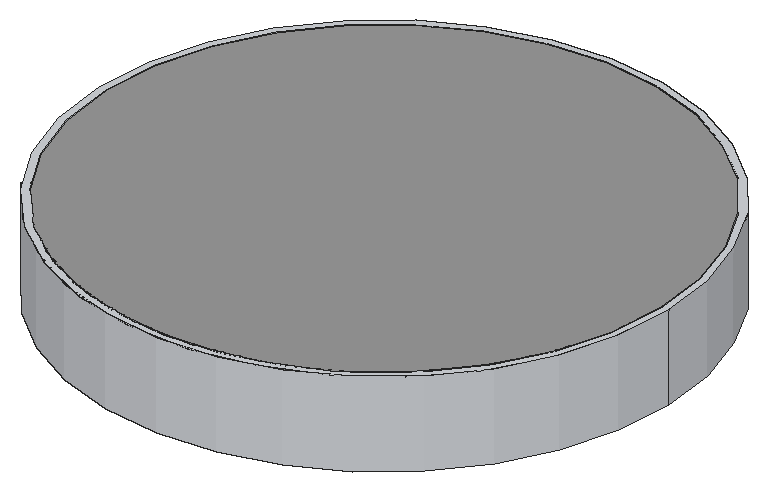
Revit family "2071133", category Lighting Fixtures, host Face, Revit 2018
Family settings
  Host = Face
  Round Connector Dimension = Use Diameter
  Part Type = Normal
  OmniClass Number = 23.80.70.00
  OmniClass Title = Lighting
  Cut with Voids When Loaded = No
  Light Source = Yes
  Shared = No
  Room Calculation Point = No
Parameters (values of type "2071133 COLOSSAL 400 830 OP DIR+H WHT DALI")
  iner diameter = 390 mm
  Weight = "n/a"
  Wattage Comments = ""
  Wattage = 30 W
  WarrantyStartDate [instance] = "n/a"
  WarrantyGuarantorParts = "n/a"
  WarrantyDurationUnit = "n/a"
  WarrantyDurationParts = ""
  WarrantyDescription = "http://www.sylvania-lighting.com"
  built-in parameter 1150110 = 1 (stored number, unit not read)
  Voltage = 230 V
  URL = "0.95"
  TypeName = "COLOSSAL 400mm 830 OPAL DIR+HAL WHITE DALI"
  Type Image = <None>
  Type Comments = "n/a"
  built-in parameter 1114217 = 1 (stored number, unit not read)
  Tilt Angle = -90.00°
  built-in parameter 1150109 = 1 (stored number, unit not read)
  built-in parameter 1150134 = (empty or 0)
  built-in parameter 1150113 = 1 (stored number, unit not read)
  SerialNumber [instance] = "n/a"
  Photometric Web File = "2071133.ies"
  Material_3_SYL = LED-Sylvania
  PowerFactor = 0
  PowerConsumption = "Lighting"
  NominalLength = 400 mm
  NominalHeight = 93 mm
  NominalDepth = 400 mm
  Name = "COLOSSAL 400mm 830 OPAL DIR+HAL WHITE DALI"
  ModelReference = Name  # "COLOSSAL 400mm 830 OPAL DIR+HAL WHITE DALI"
  ModelNumber = "2071133"
  Model = Name  # "COLOSSAL 400mm 830 OPAL DIR+HAL WHITE DALI"
  Material = "Feilo Sylvania"
  ManufacturerName = "123 lm/W"
  Manufacturer = ""
  LuminousEfficacy = ""
  built-in parameter 1150105 = 270.44 (stored number, unit not read)
  Lumens = 3398.4 lm
  LuminaireType = "0"
  built-in parameter 1150115 = 1 (stored number, unit not read)
  LightOutputRatio = "LED"
  built-in parameter 1150137 = (empty or 0)
  built-in parameter 1150139 = (empty or 0)
  LampsType = Lamp  # "n/a"
  LampNominalLuminous = "3000 K"
  LampMacAdamStep = "80"
  LampColourTemperature = "LED"
  LampColourRenderingIndex = "16500"
  built-in parameter 1150112 = 1 (stored number, unit not read)
  built-in parameter 1150114 = 1 (stored number, unit not read)
  Lamp = "n/a"
  Keynote = "n/a"
  InstallationDate [instance] = "n/a"
  InputVoltage = "0"
  InputNominalFrequency = "3000"
  built-in parameter 1150132 = (empty or 0)
  built-in parameter 1150102 = (empty or 0)
  built-in parameter 1150107 = 3000 (stored number, unit not read)
  built-in parameter 1150138 = (empty or 0)
  IngressProtection = "IfcLightFixtureType"
  ImpactProtectionIndex = "IfcLightFixtureType"
  built-in parameter 1150106 = 2.7044 (stored number, unit not read)
  IfcExportType = "IfcLightFixtureType"
  IfcExportAs = "Class I"
  Emit from Circle Diameter = 385 mm
  Emit Shape Visible in Rendering = no
  ElectricShockClassification = "123"
  built-in parameter 1150104 = 10.524 (stored number, unit not read)
  DocumentationLiterature = "http://www.sylvania-lighting.com/product/en-int/products/2071133"
  DimmingControlOptions = "n/a"
  Material_2_SYL = Polycarbonate_Sylvania_White
  Dimming Lamp Color Temperature Shift = <None>
  Description = "400mm diameter circular architectural luminaire, can be surface mounted or suspended. Powder coated aluminium housing (RAL9016) with polycarbonate opal diffuser. Direct/indirect (halo) light distribution, 2550lm luminuous flux, 20.7W system power, 123lm/W luminiaire efficacy. DALI dimmable. Colour rendering index Ra >80, 3000K Warm White LED, chromaticity tolerance of 3-step MacAdam ellipse. IP40, IK03. 450mA drive current. Electrical protection Class1, 220-240V. Reported lifetime 66k hours L90B10."
  Default Elevation = 1219.2 mm
  CreatedOn = "22/03/2022"
  CreatedBy = "@sylvania-lighting.com"
  Cost = 0
  Color Filter = 16777215
  built-in parameter 1114216 [instance] = (empty or 0)
  ClassificationValue = "EF_70_80"
  ClassificationName = "Uniclass2015"
  Material_1_SYL = Polycarbonate_Sylvania_Opal
  BarCode [instance] = "n/a"
  built-in parameter 1114218 = 1 (stored number, unit not read)
  built-in parameter 1150133 = 10 (stored number, unit not read)
  AssetType = "Fixed"
  AssetIdentifier [instance] = "n/a"
  Assembly Code = "D5020200"
  Apparent Load = 20.7 VA
  Material_4_SYL = none
Reference planes
  plane 1 "Center (Front/Back)": y = 0
  plane 2: z = 0
  plane 3 "Center (Left/Right)": x = 0
  plane 4: x = -200
  plane 5: x = 200
  plane 6: y = 200
  plane 7: y = -200
  plane 8: y = 236
  plane 9: y = -236
  plane 10: z = 93
  plane 11: y = 195
  plane 12: y = -195
  plane 13: y = 90.5
  plane 14: y = 144.5
  plane 15: through (52.25, 90.5, 1219.2) normal (0.866, 0.5, 0)
  plane 16: through (52.25, 90.5, 1219.2) normal (0.866, 0.5, 0)
  plane 17: through (63.706, 126.657, 1219.2) normal (0.866, 0.5, 0)
  plane 18: through (-104.5, 0, 1219.2) normal (-0.866, 0.5, 0)
  plane 19: through (-142.394, -9.633, 1219.2) normal (-0.866, 0.5, 0)
  plane 20: y = -90.5
  plane 21: y = -118.5
  plane 22: through (85.371, -141.133, 1219.2) normal (-0.866, 0.5, 0)
  plane 23: through (52.25, -90.5, 1219.2) normal (-0.866, 0.5, 0)
  plane 24: through (-161.658, 0, 1219.2) normal (0.866, 0.5, 0)
  plane 25: through (-172.12, 9.121, 1219.2) normal (0.866, 0.5, 0)
  plane 26: through (-104.5, 0, 1219.2) normal (0.866, 0.5, 0)
Forms (mm)
  Extrusion 1, solid, detail levels medium+fine
    sketch origin (0, 0, 0) x (1, 0, 0) y (0, 1, 0)
      loop
        circle (0, 0) r 200
    from 33.023 to 93
  Extrusion 2, void
    sketch origin (0, 0, 0) x (1, 0, 0) y (0, 1, 0)
      loop
        circle (0, 0) r 195
    from 93 to 37.292
  Extrusion 3, solid, material "Glass, White, High Luminance", detail levels fine
    sketch origin (0, 0, 0) x (1, 0, 0) y (0, 1, 0)
      loop
        circle (0, 0) r 195
    from 88.026 to 93
  Extrusion 4, solid, detail levels coarse
    sketch origin (0, 0, 0) x (1, 0, 0) y (0, 1, 0)
      loop
        line (-200, 200) -> (-200, -200) -> (200, -200) -> (200, 200) -> (-200, 200)
    from 0 to 93
  Blend 5, solid, detail levels medium+fine
    base sketch origin (0, 0, 0) x (1, 0, 0) y (0, 1, 0)
      loop
        line (-52.25, 90.5) -> (-104.5, 0) -> (-52.25, -90.5) -> (52.25, -90.5) -> (104.5, 0) -> (52.25, 90.5) -> (-52.25, 90.5)
    top sketch origin (0, 0, 0) x (1, 0, 0) y (0, 1, 0)
      loop
        line (-53.405, 144.5) -> (-149.245, -21.5) -> (-93.242, -118.5) -> (98.438, -118.5) -> (151.843, -26) -> (53.405, 144.5) -> (-53.405, 144.5)
    from 0 to 33.023
Cuts and joins
  Extrusion 2 cuts Extrusion 1
Dimensions and locks
  "NominalDepth": plane 6 to plane 7
  "NominalLength": plane 4 to plane 5
  equal spacing: plane 4, plane 3 "Center (Left/Right)", plane 5
  "iner diameter": plane 11 to plane 12
  equal spacing: plane 11, plane 1 "Center (Front/Back)", plane 12
  equal spacing: plane 6, plane 1 "Center (Front/Back)", plane 7
  "NominalHeight": plane 10 to level
  plane 19 to plane 18 = 28 mm
  radius of Extrusion 2 sketch curve = 195 mm
  aligned and locked: plane 2 to host face
  aligned and locked: level to host face
Automatic sketch dimensions
  host sketch curve to host sketch curve = 2438.4 mm  (x2)
  plane 1 "Center (Front/Back)" to Extrusion 1 sketch curve = 0 mm
  Extrusion 1 sketch curve to plane 3 "Center (Left/Right)" = 0 mm
  plane 1 "Center (Front/Back)" to Extrusion 2 sketch curve = 0 mm
  Extrusion 2 sketch curve to plane 3 "Center (Left/Right)" = 0 mm
  plane 1 "Center (Front/Back)" to Extrusion 3 sketch curve = 0 mm
  Extrusion 3 sketch curve to plane 3 "Center (Left/Right)" = 0 mm
  Extrusion 4 sketch curve to plane 4 = 0 mm
  Extrusion 4 sketch curve to plane 5 = 0 mm
  Extrusion 4 sketch curve to plane 7 = 0 mm
  Extrusion 4 sketch curve to plane 6 = 0 mm
  Blend 5 sketch curve to plane 19 = 0 mm  (x2)
  Blend 5 sketch curve to plane 24 = 0 mm  (x2)
  Blend 5 sketch curve to plane 21 = 0 mm
  Blend 5 sketch curve to plane 14 = 0 mm
  Blend 5 sketch curve to plane 17 = 0 mm  (x2)
  Blend 5 sketch curve to plane 22 = 0 mm  (x2)
  radius of Extrusion 1 sketch curve = 200 mm
  radius of Extrusion 3 sketch curve = 195 mm
Connectors
  electrical at (0, 0, 0), driven by "Apparent Load", driven by "PowerFactor", driven by "Voltage"
    settings: index 1, voltage 230 V, apparent load 20.7 VA, apparent load phase1 0 VA, apparent load phase2 0 VA, apparent load phase3 0 VA, power factor 0, load classification "Lighting", number of poles 1, system type 30, power factor state 1, is connector primary yes, connector utility no, sub classification motor no, connector description ""
